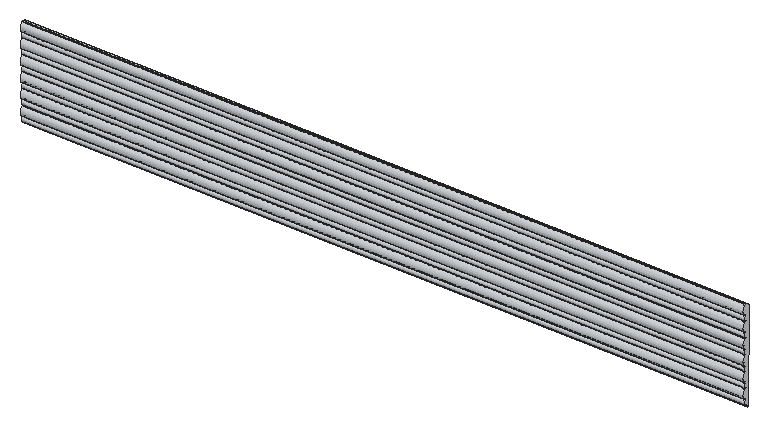
Revit family "OracDecor_WX211", category Обобщенные модели, Revit 2019
Family settings
  Может служить основой для арматурных стержней = Нет
  Размер круглого соединителя = Использовать диаметр
  Тип детали = Нормальный
  На основе рабочей плоскости = Нет
  Всегда вертикально = Да
  При загрузке вырезать с полостями = Нет
  Общий = Нет
  Точка расчета площади = Нет
Parameters
  Изготовитель = "Family from POCHERTEAM"  # constant formula
  URL = "t.me/pocherteam"
Reference planes
  plane 1 "По центру (Вперед/Назад)": y = 0
  plane 2: z = 0
  plane 3 "По центру (Влево/Вправо)": x = 0
Forms (mm)
  Extrusion 1, solid
    sketch origin (0, 0, 0) x (0, 1, 0) y (0, 0, 1)
      loop
        line (0, 0) -> (0, 250) -> (-3.41, 250) -> (-3.41, 255) -> (-7.027, 255)
        arc (-7.027, 255) -> (-7.306, 254.328) -> (-7.977, 254.05) r 0.95
        arc (-7.977, 254.05) -> (-17.33, 241.111) -> (-7.977, 228.173) r 13.626
        arc (-7.977, 228.173) -> (-7.027, 227.223) -> (-7.977, 226.273) r 0.95
        arc (-7.977, 226.273) -> (-12.16, 220.326) -> (-7.977, 214.379) r 6.319
        arc (-7.977, 214.379) -> (-7.027, 213.429) -> (-7.977, 212.479) r 0.95
        arc (-7.977, 212.479) -> (-17.33, 199.54) -> (-7.977, 186.601) r 13.626
        arc (-7.977, 186.601) -> (-7.027, 185.651) -> (-7.977, 184.701) r 0.95
        arc (-7.977, 184.701) -> (-12.16, 178.754) -> (-7.977, 172.807) r 6.319
        arc (-7.977, 172.807) -> (-7.027, 171.857) -> (-7.977, 170.907) r 0.95
        arc (-7.977, 170.907) -> (-17.33, 158.021) -> (-8.077, 145.063) r 13.626
        arc (-8.077, 145.063) -> (-7.101, 144.023) -> (-7.977, 142.898) r 1.097
        arc (-7.977, 142.898) -> (-12.16, 136.951) -> (-7.977, 131.004) r 6.319
        arc (-7.977, 131.004) -> (-7.1, 129.929) -> (-7.977, 128.854) r 1.097
        arc (-7.977, 128.854) -> (-17.33, 115.915) -> (-7.977, 102.976) r 13.626
        arc (-7.977, 102.976) -> (-7.027, 102.026) -> (-7.977, 101.076) r 0.95
        arc (-7.977, 101.076) -> (-12.16, 95.129) -> (-7.977, 89.183) r 6.319
        arc (-7.977, 89.183) -> (-7.027, 88.233) -> (-7.977, 87.283) r 0.95
        arc (-7.977, 87.283) -> (-17.33, 74.344) -> (-7.977, 61.405) r 13.626
        arc (-7.977, 61.405) -> (-7.027, 60.455) -> (-7.977, 59.505) r 0.95
        arc (-7.977, 59.505) -> (-12.16, 53.558) -> (-7.977, 47.611) r 6.319
        arc (-7.977, 47.611) -> (-7.027, 46.661) -> (-7.977, 45.711) r 0.95
        arc (-7.977, 45.711) -> (-17.33, 32.773) -> (-7.977, 19.834) r 13.626
        arc (-7.977, 19.834) -> (-7.027, 18.884) -> (-7.977, 17.934) r 0.95
        arc (-7.977, 17.934) -> (-12.16, 11.987) -> (-7.977, 6.04) r 6.319
        arc (-7.977, 6.04) -> (-7.275, 5.729) -> (-7.032, 5) r 0.95
        line (-7.032, 5) -> (-3.41, 5) -> (-3.41, 0) -> (0, 0)
    from 0 to 2000
Dimensions and locks
  plane 3 "По центру (Влево/Вправо)" to Extrusion 1 = 2000 mm
  Extrusion 1 to Extrusion 1 = 250 mm
  Extrusion 1 to level = 255 mm
  plane 1 "По центру (Вперед/Назад)" to Extrusion 1 = 17.33 mm
  Extrusion 1 to plane 3 "По центру (Влево/Вправо)" = 2000 mm
  aligned and locked: level to plane 2
